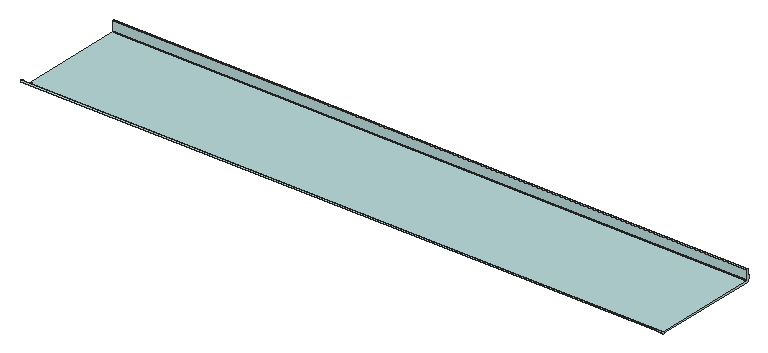
Revit family "Haworth_BeHold_Accessory_HAT-Shelf", category Furniture Systems, Revit 2018
Family settings
  Round Connector Dimension = Use Diameter
  Part Type = Normal
  OmniClass Number = 23.40.70.14.64.21
  OmniClass Title = Systems Furniture
  Work Plane-Based = No
  Always vertical = Yes
  Cut with Voids When Loaded = No
  Shared = No
  Room Calculation Point = No
Parameters (values of type "30w")
  Width = 30"
  Warranty = "http://www.haworth.com/resources/product-info/warranties"
  URL - Product = "http://www.haworth.com/na/en/products/active-storage/be-hold.html"
  URL = "http://www.haworth.com"
  Trim Finish = Haworth _ Paint _ Sky Blue
  Sustainability Info = "https://www.haworth.com/company-info/sustainability"
  Size = "Verify Final Dim. w/ Haworth"  # constant formula
  Shelf Offset = 51/64"
  Revision Number = "1"  # constant formula
  Model = "Haworth Be_Hold"  # constant formula
  Min. Width = 30"  # constant formula
  Min. Depth = 6"  # constant formula
  Max. Width = 36"  # constant formula
  Max. Depth = 6"  # constant formula
  Manufacturer = "Haworth"  # constant formula
  Description = "Haworth - Be_Hold - Accessory - HAT Shelf"  # constant formula
  Custom Size = not(or(Width = 30", Width = 36"))  # no
  Author = "Haworth (Alias)"  # constant formula
  Assembly Code = "E2020200"
  Actual Width = if(Width < Min. Width, Min. Width, if(Width > Max. Width, Max. Width, Width))  # 30"
  Actual Height = 1/2"  # constant formula
  Standard Widths = "30, 36 in."  # constant formula
  Actual Depth = 6"  # constant formula
Types (2): name | Width | URL - Product | URL | Actual Width
  30w | 30" | "http://www.haworth.com/na/en/products/active-storage/be-hold.html" | "http://www.haworth.com" | 30"
  36w | 36" | "" | "www.haworth.com" | 36"
Reference planes (in)
  plane 1: z = 0
  plane 2 "Center L/R": x = -6.17556
  plane 3 "Center F/B": y = -23.5
  plane 4 "Back": y = -20.5
  plane 5 "Front": y = -26.5
  plane 6 "Right": x = 8.82444
  plane 7 "Left": x = -21.17556
  plane 8 "Top": z = 0.5
  plane 9: x = -20.37868
  plane 10: x = 8.02757
Forms (in)
  Sweep 1, solid, material "Haworth _ Paint _ Sky Blue" <- "Trim Finish"
    path origin (0, 0, 0) x (1, 0, 0) y (0, 1, 0)
      loop
        line (8.02757, -23.5) -> (-20.37868, -23.5)
    profile origin (-6.17556, -23.5, 0) x (0, -1, 0) y (0, 0, 1)
      loop
        arc (-2.90186, 0.06) -> (-2.92885, 0.07118) -> (-2.94003, 0.09817) r 0.03817
        line (-2.94003, 0.09817) -> (-2.94003, 0.5) -> (-3, 0.5) -> (-3, 0.09867)
        arc (-3, 0.09867) -> (-2.9711, 0.0289) -> (-2.90133, 0) r 0.09867
        line (-2.90133, 0) -> (1.73903, 0)
        arc (1.73903, 0) -> (1.76251, 0.00362) -> (1.78383, 0.01413) r 0.07809
        line (1.78383, 0.01413) -> (2.24994, 0.34062) -> (2.21552, 0.38977) -> (1.75804, 0.06933)
        arc (1.75804, 0.06933) -> (1.74397, 0.06239) -> (1.72846, 0.06) r 0.05157
        line (1.72846, 0.06) -> (-2.90186, 0.06)
Lines and regions (in)
  Masking region 1
    outline origin (0, 0, 0) x (1, 0, 0) y (0, 1, 0)
      loop
        line (-20.37868, -20.5) -> (-20.37868, -25.67407) -> (8.02757, -25.67407) -> (8.02757, -20.5) -> (-20.37868, -20.5)
Dimensions and locks (in)
  equal spacing: plane 7 "Left", plane 2 "Center L/R", plane 6 "Right"
  "Actual Width": plane 7 "Left" to plane 6 "Right"
  equal spacing: plane 4 "Back", plane 3 "Center F/B", plane 5 "Front"
  "Actual Depth": plane 4 "Back" to plane 5 "Front"
  locked: Sweep 1 sketch curve to plane 4 "Back" at 0.05997
  locked: Masking region 1 sketch curve to plane 5 "Front" at 0.82593
  "Actual Height": plane 8 "Top" to plane 1
  locked: plane 5 "Front" to Sweep 1 sketch curve at 0.78448
  locked: plane 5 "Front" to Sweep 1 sketch curve at 0.75006
  locked: plane 8 "Top" to Sweep 1 sketch curve at 0.11023
  locked: plane 8 "Top" to Sweep 1 sketch curve at 0.15938
  "Shelf Offset": plane 9 to plane 7 "Left"
  "Shelf Offset": plane 10 to plane 6 "Right"
  aligned and locked: Sweep 1 sketch curve to plane 3 "Center F/B"
  aligned and locked: Sweep 1 sketch curve to plane 1
  aligned and locked: plane 4 "Back" to Sweep 1 sketch curve
  aligned and locked: Masking region 1 sketch curve to plane 4 "Back"
  aligned and locked: plane 9 to Masking region 1 sketch curve
  aligned and locked: plane 10 to Masking region 1 sketch curve
  aligned and locked: plane 9 to Sweep 1 sketch curve
  aligned and locked: plane 10 to Sweep 1 sketch curve
Automatic sketch dimensions
  Sweep 1 sketch curve to Sweep 1 sketch curve = 0.0387"
  Sweep 1 sketch curve to Sweep 1 sketch curve = 0.00053"
  Sweep 1 sketch curve to Sweep 1 sketch curve = 0.01057"
  level to Sweep 1 sketch curve = 0.06933"
  Sweep 1 sketch curve to Sweep 1 sketch curve = 0.01902"
  level to Sweep 1 sketch curve = 0.01413"
  Sweep 1 sketch curve to Sweep 1 sketch curve = 0.0448"
  Sweep 1 sketch curve to Sweep 1 sketch curve = 0.45748"
  Sweep 1 sketch curve to Sweep 1 sketch curve = 0.40183"
  Sweep 1 sketch curve to Sweep 1 sketch curve = 0.01809"
